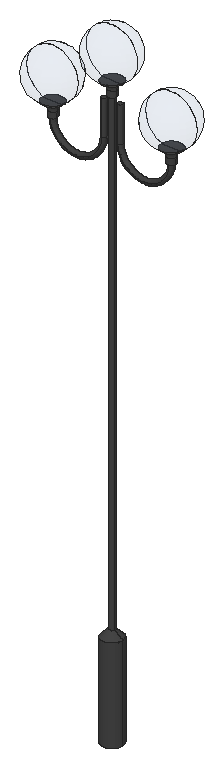
Revit family
Parameters
  Material Post = Metal - Black
  Material Lamp Glazing = Glass - Blue Frosted
  Fixture Height = 3500 mm
  Base Height = 550 mm
Reference planes
  plane 1 "Light Source Axis (F/B)": y = 0
  plane 2: z = 0
  plane 3 "Light Source Axis (L/R)": x = 0
  plane 4 "Fixture Top": z = 3500
  plane 5: y = -7.5
  plane 6 "Light Source Elevation": z = 3800
  plane 7: x = -346
  plane 8: x = 346
  plane 9: z = 3365
  plane 10: z = 3600
Forms (mm)
  Revolve 1, solid, material "Metal - Black" <- "Material Post"
    sketch origin (0, 0, 0) x (1, 0, 0) y (0, 0, 1)
      loop
        line (0, 0) -> (0, 3456.111) -> (-60, 3456.111)
        arc (-60, 3456.111) -> (-34.161, 3442.171) -> (-25, 3414.277) r 39.64
        line (-25, 3414.277) -> (-25, 3379.277) -> (-17.574, 3379.277) -> (-17.574, 592.426) -> (-60, 550) -> (-60, 0) -> (0, 0)
      axis (0, 0) -> (0, 3456.111)
    angle from 0 to 360
  Revolve 2, solid, material "Metal - Black" <- "Material Post"
    sketch origin (-97.613, 0, -40) x (1, 0, 0) y (0, 0, 1)
      loop
        line (-248.565, 3189.675) -> (-248.565, 3266.508) -> (-308.565, 3266.508)
        arc (-308.565, 3266.508) -> (-282.726, 3252.568) -> (-273.565, 3224.675) r 39.64
        line (-273.565, 3224.675) -> (-273.565, 3189.675) -> (-248.565, 3189.675)
      axis (-248.565, 3189.675) -> (-248.565, 3266.508)
    angle from 0 to 360
  Revolve 3, solid, material "Glass - Blue Frosted" <- "Material Lamp Glazing"
    sketch origin (-97.613, 0, -40) x (1, 0, 0) y (0, 0, 1)
      loop
        line (-248.565, 3261.508) -> (-248.565, 3558.37)
        arc (-248.565, 3558.37) -> (-397.779, 3423.713) -> (-279.09, 3261.508) r 150
        line (-279.09, 3261.508) -> (-248.565, 3261.508)
      axis (-248.565, 3261.508) -> (-248.565, 3558.37)
    angle from 0 to 360
  Revolve 4, solid, material "Metal - Black" <- "Material Post"
    sketch origin (97.869, 0, -40) x (-1, 0, 0) y (0, 0, 1)
      loop
        line (-248.565, 3189.675) -> (-248.565, 3266.508) -> (-308.565, 3266.508)
        arc (-308.565, 3266.508) -> (-282.726, 3252.568) -> (-273.565, 3224.675) r 39.64
        line (-273.565, 3224.675) -> (-273.565, 3189.675) -> (-248.565, 3189.675)
      axis (-248.565, 3189.675) -> (-248.565, 3266.508)
    angle from 0 to 360
  Sweep 5, solid, material "Metal - Black" <- "Material Post"
    path origin (0, 0, 0) x (1, 0, 0) y (0, 0, 1)
      loop
        line (-48.565, 3349.675) -> (-48.565, 3149.675)
        arc (-48.565, 3149.675) -> (-198.565, 2999.675) -> (-348.565, 3149.675) r 150
    profile origin (0, 0, 3249.675) x (0, -1, 0) y (1, 0, 0)
      loop
        circle (0, -48.565) r 15
  Sweep 6, solid, material "Metal - Black" <- "Material Post"
    path origin (0, 0, 0) x (1, 0, 0) y (0, 0, 1)
      loop
        line (46.435, 3349.675) -> (46.435, 3149.675)
        arc (46.435, 3149.675) -> (196.435, 2999.675) -> (346.435, 3149.675) r 150
    profile origin (0, 0, 3249.675) x (0, -1, 0) y (1, 0, 0)
      loop
        circle (0, 46.435) r 15
  Revolve 7, solid, material "Glass - Blue Frosted" <- "Material Lamp Glazing"
    sketch origin (248.565, 0, 189.603) x (1, 0, 0) y (0, 0, 1)
      loop
        line (-248.565, 3261.508) -> (-248.565, 3558.37)
        arc (-248.565, 3558.37) -> (-397.779, 3423.713) -> (-279.09, 3261.508) r 150
        line (-279.09, 3261.508) -> (-248.565, 3261.508)
      axis (-248.565, 3261.508) -> (-248.565, 3558.37)
    angle from 0 to 360
  Revolve 8, solid, material "Glass - Blue Frosted" <- "Material Lamp Glazing"
    sketch origin (595, 0, -40) x (1, 0, 0) y (0, 0, 1)
      loop
        line (-248.565, 3261.508) -> (-248.565, 3558.37)
        arc (-248.565, 3558.37) -> (-397.779, 3423.713) -> (-279.09, 3261.508) r 150
        line (-279.09, 3261.508) -> (-248.565, 3261.508)
      axis (-248.565, 3261.508) -> (-248.565, 3558.37)
    angle from 0 to 360
  Extrusion 9, solid, material "Metal - Black" <- "Material Post"
    sketch origin (0, -7.5, 0) x (1, 0, 0) y (0, 0, 1)
      loop
        line (-37.483, 3316.297) -> (-37.483, 3294.326) -> (-12.483, 3294.326) -> (-12.483, 3316.297) -> (-37.483, 3316.297)
    from 0 to -15
  Extrusion 10, solid, material "Metal - Black" <- "Material Post"
    sketch origin (0, -7.5, -50) x (1, 0, 0) y (0, 0, 1)
      loop
        line (-37.483, 3316.297) -> (-37.483, 3294.326) -> (-12.483, 3294.326) -> (-12.483, 3316.297) -> (-37.483, 3316.297)
    from 0 to -15
  Extrusion 11, solid, material "Metal - Black" <- "Material Post"
    sketch origin (0, -7.5, -145) x (1, 0, 0) y (0, 0, 1)
      loop
        line (-37.483, 3316.297) -> (-37.483, 3294.326) -> (-12.483, 3294.326) -> (-12.483, 3316.297) -> (-37.483, 3316.297)
    from 0 to -15
  Extrusion 12, solid, material "Metal - Black" <- "Material Post"
    sketch origin (0, -7.5, 0) x (-1, 0, 0) y (0, 0, -1)
      loop
        line (-37.483, -3316.297) -> (-12.483, -3316.297) -> (-12.483, -3294.326) -> (-37.483, -3294.326) -> (-37.483, -3316.297)
    from 0 to -15
  Extrusion 13, solid, material "Metal - Black" <- "Material Post"
    sketch origin (0, -7.5, -50) x (-1, 0, 0) y (0, 0, -1)
      loop
        line (-37.483, -3316.297) -> (-12.483, -3316.297) -> (-12.483, -3294.326) -> (-37.483, -3294.326) -> (-37.483, -3316.297)
    from 0 to -15
  Extrusion 14, solid, material "Metal - Black" <- "Material Post"
    sketch origin (0, -7.5, -145) x (-1, 0, 0) y (0, 0, -1)
      loop
        line (-37.483, -3316.297) -> (-12.483, -3316.297) -> (-12.483, -3294.326) -> (-37.483, -3294.326) -> (-37.483, -3316.297)
    from 0 to -15
Dimensions and locks
  "Base Height": Revolve 1 sketch curve to Revolve 1 sketch curve
  "Fixture Height": plane 4 "Fixture Top" to plane 2
  locked: plane 6 "Light Source Elevation" to plane 4 "Fixture Top" at 300
  locked: plane 10 to plane 4 "Fixture Top" at 100
  locked: plane 4 "Fixture Top" to plane 9 at 135
  locked: plane 7 to plane 3 "Light Source Axis (L/R)" at 346
  locked: plane 3 "Light Source Axis (L/R)" to plane 8 at 346
  aligned and locked: plane 3 "Light Source Axis (L/R)" to nested 1
  aligned and locked: plane 1 "Light Source Axis (F/B)" to nested 1
  aligned and locked: nested 1 to plane 10
  aligned and locked: plane 1 "Light Source Axis (F/B)" to nested 3
  aligned and locked: nested 3 to plane 8
  aligned and locked: plane 1 "Light Source Axis (F/B)" to nested 2
  aligned and locked: nested 2 to plane 7
  aligned and locked: nested 3 to plane 9
  aligned and locked: nested 2 to plane 9
Automatic sketch dimensions
  Revolve 1 sketch curve to level = 0 mm
  Revolve 1 sketch curve to plane 3 "Light Source Axis (L/R)" = 0 mm  (x2)
  Revolve 1 sketch curve to plane 3 "Light Source Axis (L/R)" = 17.574 mm
  Revolve 1 sketch curve to Revolve 1 sketch curve = 7.426 mm
  Revolve 1 sketch curve to plane 3 "Light Source Axis (L/R)" = 60 mm
  Revolve 1 sketch curve to Revolve 1 sketch curve = 35 mm  (x2)
  Revolve 1 sketch curve to Revolve 1 sketch curve = 39.563 mm
  Revolve 1 sketch curve to Revolve 1 sketch curve = 271.696 mm
  Revolve 1 sketch curve to Revolve 1 sketch curve = 42.426 mm
  Revolve 1 sketch curve to Revolve 1 sketch curve = 76.834 mm
  plane 4 "Fixture Top" to Revolve 1 sketch curve = 43.889 mm
  Revolve 1 sketch curve to plane 4 "Fixture Top" = 1165.289 mm
  Revolve 2 sketch curve to plane 3 "Light Source Axis (L/R)" = 410.741 mm
  Revolve 2 sketch curve to Revolve 2 sketch curve = 4.563 mm
  Revolve 2 sketch curve to Revolve 2 sketch curve = 39.563 mm
  Revolve 2 sketch curve to Revolve 2 sketch curve = 25 mm
  Revolve 2 sketch curve to Revolve 2 sketch curve = 0 mm  (x2)
  plane 4 "Fixture Top" to Revolve 2 sketch curve = 350.325 mm
  Revolve 2 sketch curve to Revolve 2 sketch curve = 35 mm
  Revolve 2 sketch curve to Revolve 2 sketch curve = 2.458 mm
  Revolve 2 sketch curve to plane 4 "Fixture Top" = 99.675 mm
  plane 3 "Light Source Axis (L/R)" to Revolve 4 sketch curve = 410.998 mm
  Revolve 4 sketch curve to Revolve 4 sketch curve = 4.563 mm
  Revolve 4 sketch curve to Revolve 4 sketch curve = 39.563 mm
  Revolve 4 sketch curve to Revolve 4 sketch curve = 25 mm
  Revolve 4 sketch curve to Revolve 4 sketch curve = 0 mm  (x2)
  plane 4 "Fixture Top" to Revolve 4 sketch curve = 350.325 mm
  Revolve 4 sketch curve to Revolve 4 sketch curve = 35 mm
  Revolve 4 sketch curve to Revolve 4 sketch curve = 2.458 mm
  Revolve 4 sketch curve to plane 4 "Fixture Top" = 99.675 mm
  Sweep 5 sketch curve to plane 1 "Light Source Axis (F/B)" = 0 mm
  Sweep 5 sketch curve to profile plane = 0 mm
  Sweep 6 sketch curve to plane 1 "Light Source Axis (F/B)" = 0 mm
  Sweep 6 sketch curve to profile plane = 0 mm
  Sweep 5 sketch curve to plane 3 "Light Source Axis (L/R)" = 348.565 mm
  Sweep 5 sketch curve to Sweep 5 sketch curve = 150 mm
  plane 4 "Fixture Top" to Sweep 5 sketch curve = 350.325 mm
  plane 4 "Fixture Top" to Sweep 5 sketch curve = 150.325 mm
  plane 3 "Light Source Axis (L/R)" to Sweep 6 sketch curve = 46.435 mm
  Sweep 6 sketch curve to Sweep 6 sketch curve = 150 mm
  plane 4 "Fixture Top" to Sweep 6 sketch curve = 350.325 mm
  plane 4 "Fixture Top" to Sweep 6 sketch curve = 150.325 mm
  Revolve 3 sketch curve to plane 3 "Light Source Axis (L/R)" = 376.703 mm
  Revolve 3 sketch curve to Revolve 3 sketch curve = 30.525 mm
  Revolve 3 sketch curve to Revolve 3 sketch curve = 0 mm
  plane 4 "Fixture Top" to Revolve 3 sketch curve = 350.325 mm
  Revolve 3 sketch curve to Revolve 3 sketch curve = 71.834 mm
  plane 4 "Fixture Top" to Revolve 3 sketch curve = 131.63 mm
  Revolve 3 sketch curve to Revolve 3 sketch curve = 5 mm
  Revolve 7 sketch curve to plane 3 "Light Source Axis (L/R)" = 0 mm  (x2)
  Revolve 7 sketch curve to Revolve 7 sketch curve = 30.525 mm
  plane 4 "Fixture Top" to Revolve 7 sketch curve = 120.723 mm
  plane 4 "Fixture Top" to Revolve 7 sketch curve = 48.889 mm
  Revolve 7 sketch curve to plane 4 "Fixture Top" = 97.972 mm
  Revolve 7 sketch curve to Revolve 7 sketch curve = 5 mm
  plane 3 "Light Source Axis (L/R)" to Revolve 8 sketch curve = 315.91 mm
  Revolve 8 sketch curve to Revolve 8 sketch curve = 30.525 mm
  Revolve 8 sketch curve to Revolve 8 sketch curve = 0 mm
  plane 4 "Fixture Top" to Revolve 8 sketch curve = 350.325 mm
  Revolve 8 sketch curve to Revolve 8 sketch curve = 71.834 mm
  plane 4 "Fixture Top" to Revolve 8 sketch curve = 131.63 mm
  Revolve 8 sketch curve to Revolve 8 sketch curve = 5 mm
  Extrusion 9 sketch curve to plane 3 "Light Source Axis (L/R)" = 37.483 mm
  Extrusion 9 sketch curve to plane 3 "Light Source Axis (L/R)" = 12.483 mm
  plane 4 "Fixture Top" to Extrusion 9 sketch curve = 205.674 mm
  Extrusion 9 sketch curve to Extrusion 9 sketch curve = 21.97 mm
  Extrusion 10 sketch curve to plane 3 "Light Source Axis (L/R)" = 37.483 mm
  Extrusion 10 sketch curve to plane 3 "Light Source Axis (L/R)" = 12.483 mm
  plane 4 "Fixture Top" to Extrusion 10 sketch curve = 255.674 mm
  Extrusion 10 sketch curve to Extrusion 10 sketch curve = 21.97 mm
  Extrusion 11 sketch curve to plane 3 "Light Source Axis (L/R)" = 37.483 mm
  Extrusion 11 sketch curve to plane 3 "Light Source Axis (L/R)" = 12.483 mm
  plane 4 "Fixture Top" to Extrusion 11 sketch curve = 350.674 mm
  Extrusion 11 sketch curve to Extrusion 11 sketch curve = 21.97 mm
  plane 3 "Light Source Axis (L/R)" to Extrusion 12 sketch curve = 37.483 mm
  plane 3 "Light Source Axis (L/R)" to Extrusion 12 sketch curve = 12.483 mm
  plane 4 "Fixture Top" to Extrusion 12 sketch curve = 183.703 mm
  Extrusion 12 sketch curve to Extrusion 12 sketch curve = 21.97 mm
  plane 3 "Light Source Axis (L/R)" to Extrusion 13 sketch curve = 37.483 mm
  plane 3 "Light Source Axis (L/R)" to Extrusion 13 sketch curve = 12.483 mm
  plane 4 "Fixture Top" to Extrusion 13 sketch curve = 233.703 mm
  Extrusion 13 sketch curve to Extrusion 13 sketch curve = 21.97 mm
  plane 3 "Light Source Axis (L/R)" to Extrusion 14 sketch curve = 37.483 mm
  plane 3 "Light Source Axis (L/R)" to Extrusion 14 sketch curve = 12.483 mm
  plane 4 "Fixture Top" to Extrusion 14 sketch curve = 328.703 mm
  Extrusion 14 sketch curve to Extrusion 14 sketch curve = 21.97 mm
  radius of Sweep 5 sketch curve = 15 mm
  radius of Sweep 6 sketch curve = 15 mm
Nested families
  nested 1: "Light Source" at (0, 0, 3600), type "100W"
  nested 2: "Light Source" at (-346, 0, 3365), type "100W"
  nested 3: "Light Source" at (346, 0, 3365), type "100W"
Definition of nested family "Light Source"
  Parameters (values of type "100W")
    Wattage = 100 W
    built-in parameter 1150110 = 1 (stored number, unit not read)
    built-in parameter 1114217 = 1 (stored number, unit not read)
    built-in parameter 1150109 = 1 (stored number, unit not read)
    built-in parameter 1150134 = 4
    built-in parameter 1150113 = 1 (stored number, unit not read)
    Lumens = 1200 lm
    built-in parameter 1150115 = 1 (stored number, unit not read)
    built-in parameter 1150105 = 95.493 (stored number, unit not read)
    Light Source Symbol Size = 609.6 mm
    built-in parameter 1150137 = (empty or 0)
    built-in parameter 1150139 = (empty or 0)
    built-in parameter 1150112 = 1 (stored number, unit not read)
    built-in parameter 1150114 = 1 (stored number, unit not read)
    built-in parameter 1150132 = (empty or 0)
    built-in parameter 1150102 = (empty or 0)
    built-in parameter 1150138 = (empty or 0)
    built-in parameter 1150107 = 2800 (stored number, unit not read)
    built-in parameter 1150106 = 0.95493 (stored number, unit not read)
    built-in parameter 1150104 = 1.1148 (stored number, unit not read)
    Dimming Lamp Color Temperature Shift = (empty or 0)
    Color Filter = 16777215
    built-in parameter 1114218 = 1 (stored number, unit not read)
    built-in parameter 1150133 = 10 (stored number, unit not read)
    Assembly Code = ""
  Reference planes
    plane 1 "Light Source Axis (F/B)": y = 0
    plane 2: z = 0
    plane 3 "Light Source Axis (L/R)": x = 0
    plane 4 "Light Source Elevation": z = 0
  Lines and regions (mm)
    reference lines
      curve 1: line (0, 1196.616, 0) -> (0, -1403.384, 0)
      curve 2: line (-1183.996, 0, 0) -> (2216.004, 0, 0)
      curve 3: line (0, 0, 1167.649) -> (0, 0, -972.351)
  Dimensions and locks
    aligned and locked: plane 3 "Light Source Axis (L/R)" to imposter light
    aligned and locked: plane 1 "Light Source Axis (F/B)" to imposter light
    aligned and locked: plane 4 "Light Source Elevation" to imposter light
    aligned and locked: plane 4 "Light Source Elevation" to plane 2
    aligned and locked: plane 1 "Light Source Axis (F/B)" to curve 2
    aligned and locked: curve 1 to plane 3 "Light Source Axis (L/R)"
    aligned and locked: curve 3 to plane 3 "Light Source Axis (L/R)"
